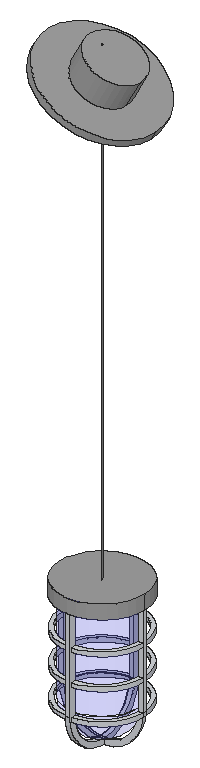
Revit family
Parameters (values of type "At vending machines")
  Lumens = 1800 lm
  Housing Material = none
  Glass = Glass
  Fixture Height = 9' - 4 1/4"
  Ceiling Height = 13' - 0"
  Assembly Code = ""
Types (2): name | Glass | Fixture Height
  At vending machines | Glass | 9' - 4 1/4"
  Can_Pendant_1834 | none | 11' - 8"
Reference planes (in)
  plane 1 "Light Source Axis (F/B)": y = 0
  plane 2: z = 0
  plane 3 "Light Source Axis (L/R)": x = 0
  plane 4 "Light Source Elevation": z = 112.25
  plane 5 "ceiling": z = 156
  plane 6: through (-1.54352, -180, 156.83597) normal (0.4762, 0, 0.8793)
  plane 7: z = 114.61068
  plane 8: z = 121.25
  plane 9: z = 119.03689
  plane 10: z = 116.82378
Forms (in)
  Extrusion 1, solid
    sketch origin (0, 0, 0) x (1, 0, 0) y (0, 1, 0)
      loop
        circle (0, 0) r 0.01791
    from 121.25 to 156
  Extrusion 2, solid, material <- "Housing Material"
    sketch origin (0, 0, 0) x (1, 0, 0) y (0, 1, 0)
      loop
        circle (0.01791, 0) r 3
    from 121.25 to 122.25
  Extrusion 3, solid
    sketch origin (0.69506, 0, 155.04529) x (-0.880588, 0, 0.473883) y (0, 1, 0)
      loop
        circle (-0.01791, 0) r 2
    from 1.5 to -0.5
  Extrusion 4, solid
    sketch origin (-0.25271, 0, 153.28412) x (-0.880588, 0, 0.473883) y (0, 1, 0)
      loop
        circle (-0.01791, 0) r 4.25121
    from 0 to -0.5
  Revolve 5, solid, material "Glass" <- "Glass"
    sketch origin (0, 0, 0) x (0, 1, 0) y (0, 0, 1)
      loop
        line (2.5, 121.25) -> (0, 121.25) -> (0, 112.3179)
        arc (0, 112.3179) -> (1.76777, 113.05013) -> (2.5, 114.8179) r 2.5
        line (2.5, 114.8179) -> (2.5, 121.25)
      axis (0, 121.25) -> (0, 112.3179)
    angle from 0 to 360
  Extrusion 6, solid, material <- "Housing Material"
    sketch origin (0, 0, 0) x (0, 1, 0) y (0, 0, 1)
      loop
        line (3, 121.25) -> (2.63415, 121.25) -> (2.63281, 114.77464)
        arc (2.63281, 114.77464) -> (0, 112.14183) -> (-2.63281, 114.77464) r 2.63281
        line (-2.63281, 114.77464) -> (-2.63281, 121.25) -> (-3, 121.25) -> (-3, 114.77464)
        arc (-3, 114.77464) -> (0, 111.77464) -> (3, 114.77464) r 3
        line (3, 114.77464) -> (3, 121.25)
    from -0.1733 to 0.16167
  Extrusion 7, solid, material <- "Housing Material"
    sketch origin (0, 0, 0) x (-1, 0, 0) y (0, 0, 1)
      loop
        line (3, 121.25) -> (2.63415, 121.25) -> (2.63281, 114.77464)
        arc (2.63281, 114.77464) -> (0, 112.14183) -> (-2.63281, 114.77464) r 2.63281
        line (-2.63281, 114.77464) -> (-2.63281, 121.25) -> (-3, 121.25) -> (-3, 114.77464)
        arc (-3, 114.77464) -> (0, 111.77464) -> (3, 114.77464) r 3
        line (3, 114.77464) -> (3, 121.25)
    from -0.07297 to 0.0887
  Extrusion 8, solid, material <- "Housing Material"
    sketch origin (0, 0, 142.75) x (0, 1, 0) y (-1, 0, 0)
      loop
        circle (0, 0) r 2.96471
      loop
        circle (0, 0) r 2.6894
    from -28.27087 to -27.99035
  Extrusion 9, solid, material <- "Housing Material"
    sketch origin (0, 0, 144.96311) x (0, 1, 0) y (-1, 0, 0)
      loop
        circle (0, 0) r 2.96471
      loop
        circle (0, 0) r 2.6894
    from -28.27087 to -27.99035
  Extrusion 10, solid, material <- "Housing Material"
    sketch origin (0, 0, 147.17622) x (0, 1, 0) y (-1, 0, 0)
      loop
        circle (0, 0) r 2.96471
      loop
        circle (0, 0) r 2.6894
    from -28.27087 to -27.99035
Dimensions and locks (in)
  "Ceiling Height": level to plane 5 "ceiling"
  "Fixture Height": plane 4 "Light Source Elevation" to level
  locked: Extrusion 2 to plane 4 "Light Source Elevation" at 10
  locked: Extrusion 2 to Extrusion 2 at 1
  locked: Extrusion 3 to Extrusion 3 at 2
  locked: Extrusion 4 to Extrusion 4 at 0.5
  locked: Revolve 5 sketch curve to plane 1 "Light Source Axis (F/B)" at 2.5
  Extrusion 6 sketch curve to Extrusion 6 sketch curve to plane 1 "Light Source Axis (F/B)" = 0' - 0.36585" locked, 0' - 2.63415" locked
  plane 1 "Light Source Axis (F/B)" to Extrusion 6 sketch curve to Extrusion 6 sketch curve = 0' - 2 81/128" locked, 0' - 0 47/128" locked
  Extrusion 6 to plane 3 "Light Source Axis (L/R)" to Extrusion 6 = 0' - 0.1733" locked, 0' - 0.16167" locked
  locked: Extrusion 7 sketch curve to Extrusion 7 sketch curve at 0.36585
  locked: Extrusion 7 sketch curve to Extrusion 7 sketch curve at 0.36719
  locked: Extrusion 7 to Extrusion 7 at 0.16167
  locked: Extrusion 8 to Extrusion 8 at 0.28052
  equal spacing: plane 8, plane 9, plane 10, plane 7
  locked: Extrusion 9 to Extrusion 9 at 0.28052
  locked: Extrusion 10 to Extrusion 10 at 0.28052
  locked: Extrusion 10 to plane 9 at 0.14898
  locked: Extrusion 9 to plane 10 at 0.14898
  locked: Extrusion 8 to plane 7 at 0.14898
  locked: plane 8 to plane 7 at 6.63932
  locked: plane 6 to plane 5 "ceiling" (angle 28.44°)
  aligned and locked: Extrusion 1 to plane 5 "ceiling"
  aligned and locked: Extrusion 2 to Extrusion 1
  aligned and locked: Revolve 5 sketch curve to plane 1 "Light Source Axis (F/B)"  (x2)
  aligned and locked: Extrusion 2 to Revolve 5 sketch curve
  aligned and locked: Extrusion 6 sketch curve to Extrusion 2
  aligned and locked: Extrusion 2 to Extrusion 6 sketch curve
  aligned and locked: plane 8 to Extrusion 2
Automatic sketch dimensions
  Extrusion 1 sketch curve to plane 1 "Light Source Axis (F/B)" = 0' - 0"
  Extrusion 1 sketch curve to plane 3 "Light Source Axis (L/R)" = 0' - 0"
  Extrusion 2 sketch curve to plane 1 "Light Source Axis (F/B)" = 0' - 0"
  plane 3 "Light Source Axis (L/R)" to Extrusion 2 sketch curve = 0' - 0.01791"
  Extrusion 3 sketch curve to plane 1 "Light Source Axis (F/B)" = 0' - 0"
  Extrusion 4 sketch curve to plane 1 "Light Source Axis (F/B)" = 0' - 0"
  plane 7 to Revolve 5 sketch curve = 0' - 0.20722"
  plane 4 "Light Source Elevation" to Revolve 5 sketch curve = 1' - 0"
  plane 8 to Revolve 5 sketch curve = 1' - 2 1/2"
  Extrusion 6 sketch curve to Extrusion 6 sketch curve = 0' - 0"  (x3)
  plane 7 to Extrusion 6 sketch curve = 0' - 0.16397"
  Extrusion 7 sketch curve to Extrusion 7 sketch curve = 0' - 0"  (x3)
  Extrusion 7 sketch curve to plane 8 = 0' - 0"  (x2)
  Extrusion 7 sketch curve to plane 3 "Light Source Axis (L/R)" = 0' - 0"
  plane 3 "Light Source Axis (L/R)" to Extrusion 7 sketch curve = 0' - 2 81/128"
  plane 7 to Extrusion 7 sketch curve = 0' - 0.16397"
  Extrusion 8 sketch curve to Extrusion 8 sketch curve = 0' - 0"  (x2)
  Extrusion 8 sketch curve to plane 1 "Light Source Axis (F/B)" = 0' - 0"
  Extrusion 8 sketch curve to plane 3 "Light Source Axis (L/R)" = 0' - 0"
  Extrusion 9 sketch curve to Extrusion 9 sketch curve = 0' - 0"  (x2)
  Extrusion 9 sketch curve to plane 1 "Light Source Axis (F/B)" = 0' - 0"
  Extrusion 9 sketch curve to plane 3 "Light Source Axis (L/R)" = 0' - 0"
  Extrusion 10 sketch curve to Extrusion 10 sketch curve = 0' - 0"  (x2)
  Extrusion 10 sketch curve to plane 1 "Light Source Axis (F/B)" = 0' - 0"
  Extrusion 10 sketch curve to plane 3 "Light Source Axis (L/R)" = 0' - 0"
  radius of Extrusion 1 sketch curve = 0' - 0.01791"
  radius of Extrusion 2 sketch curve = 0' - 3"
  radius of Extrusion 3 sketch curve = 0' - 2"
  radius of Extrusion 4 sketch curve = 0' - 4.25121"
  radius of Extrusion 8 sketch curve = 0' - 2.96471"
  radius of Extrusion 8 sketch curve = 0' - 2.6894"
  radius of Extrusion 9 sketch curve = 0' - 2.96471"
  radius of Extrusion 9 sketch curve = 0' - 2.6894"
  radius of Extrusion 10 sketch curve = 0' - 2.96471"
  radius of Extrusion 10 sketch curve = 0' - 2.6894"
